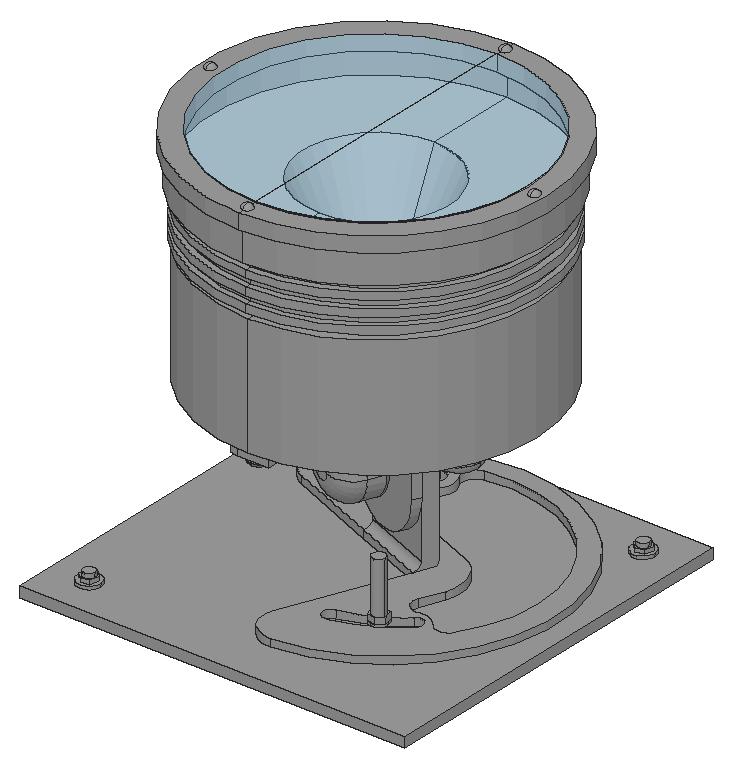
Revit family "LIGHT LOD 500", category Lighting Fixtures, host Face, Revit 2018
Family settings
  Host = Face
  Round Connector Dimension = Use Diameter
  Part Type = Normal
  OmniClass Number = 23.80.70.14
  OmniClass Title = Luminaries for External Lighting
  Cut with Voids When Loaded = No
  Light Source = No
  Shared = No
  Room Calculation Point = No
Parameters (values of type "LFL1")
  Keynote = "16500"
  Default Elevation = 1219.2 mm
  Assembly Code = "D5020200"
Reference planes
  plane 1 "Center (Front/Back)": y = 0
  plane 2: z = 0
  plane 3 "Center (Left/Right)": x = 0
  plane 4: y = 75
  plane 5: x = -75
  plane 6: x = 75
  plane 7: y = -75
  plane 8: z = 4
  plane 9: x = -20
  plane 10: y = 42
  plane 11: x = 32
  plane 12: y = -34
  plane 13: z = 34
  plane 14: y = -34.031
  plane 15: y = 4.854
Forms (mm)
  Extrusion 1, solid
    sketch origin (0, 0, 0) x (0, 1, 0) y (0, 0, 1)
      loop
        line (75, 0) -> (75, 4)
        arc (75, 4) -> (0, 6.56) -> (-75, 4) r 1100
        line (-75, 4) -> (-75, 0)
        arc (-75, 0) -> (0, 2.56) -> (75, 0) r 1100
    from -75 to 75
  Extrusion 2, solid
    sketch origin (0, 0, 0) x (1, 0, 0) y (0, 1, 0)
      loop
        circle (-60, -60) r 4.5
      loop
        circle (60, 60) r 4.5
    from 4 to 5.057
  Extrusion 3, solid
    sketch origin (0, 0, 0) x (1, 0, 0) y (0, 1, 0)
      loop
        line (-57.687, -62.313) -> (-56.841, -59.154) -> (-59.154, -56.841) -> (-62.313, -57.687) -> (-63.159, -60.846) -> (-60.846, -63.159) -> (-57.687, -62.313)
      loop
        line (57.687, 62.313) -> (56.841, 59.154) -> (59.154, 56.841) -> (62.313, 57.687) -> (63.159, 60.846) -> (60.846, 63.159) -> (57.687, 62.313)
    from 5.057 to 6.628
  Extrusion 4, solid
    sketch origin (0, 0, 0) x (1, 0, 0) y (0, 1, 0)
      loop
        circle (-60, -60) r 2.264
      loop
        circle (60, 60) r 2.264
    from 6.628 to 8.069
  Extrusion 5, solid
    sketch origin (0, 0, 0) x (1, 0, 0) y (0, 1, 0)
      loop
        circle (-20, 42) r 2.5
      loop
        circle (32, -34) r 2.5
    from 8.338 to 34
  Revolve 6, solid
    sketch origin (-20, 0, 0) x (0, 1, 0) y (0, 0, 1)
      loop
        line (42, 4.984) -> (42, 8.338) -> (39.5, 8.338)
        arc (39.5, 8.338) -> (37.562, 7.221) -> (37.557, 4.984) r 2.24
        line (37.557, 4.984) -> (42, 4.984)
      axis (42, 4.984) -> (42, 8.338)
    angle from 0 to 360
  Revolve 7, solid
    sketch origin (31.909, -76.031, 0) x (0, 1, 0) y (0, 0, 1)
      loop
        line (42, 4.984) -> (42, 8.338) -> (39.5, 8.338)
        arc (39.5, 8.338) -> (37.562, 7.221) -> (37.557, 4.984) r 2.24
        line (37.557, 4.984) -> (42, 4.984)
      axis (42, 4.984) -> (42, 8.338)
    angle from 0 to 360
  Extrusion 8, solid
    sketch origin (0, 0, 0) x (1, 0, 0) y (0, 1, 0)
      loop
        arc (-6.059, 41.945) -> (-8.962, 32.836) -> (-2.888, 25.452) r 10
        line (-2.888, 25.452) -> (27.831, 13.041)
        arc (27.831, 13.041) -> (36.019, 4.994) -> (36.12, -6.486) r 15
        line (36.12, -6.486) -> (32.502, -15.44)
        arc (32.502, -15.44) -> (33.317, -20.538) -> (38.206, -22.198) r 5
        arc (38.206, -22.198) -> (42.545, -22.543) -> (45.963, -25.24) r 7.5
        arc (45.963, -25.24) -> (50.148, -27.383) -> (54.261, -25.104) r 5
        arc (54.261, -25.104) -> (53.937, 35.252) -> (-1.565, 58.968) r 55
        arc (-1.565, 58.968) -> (-5.261, 56.061) -> (-4.91, 51.372) r 5
        arc (-4.91, 51.372) -> (-3.803, 46.454) -> (-6.059, 41.945) r 7.5
      loop
        line (21.088, -3.648) -> (2.775, -48.976)
        arc (2.775, -48.976) -> (4.022, -58.689) -> (12.965, -62.68) r 10
        arc (12.965, -62.68) -> (62.477, 35.908) -> (-47.84, 36.947) r 65
        arc (-47.84, 36.947) -> (-48.927, 28.527) -> (-43.15, 22.306) r 10
        line (-43.15, 22.306) -> (-7.098, 7.74) -> (21.088, -3.648)
      loop
        arc (-12.023, 50.813) -> (-23.821, 43.462) -> (-33.316, 33.309) r 53.25
        arc (-33.316, 33.309) -> (-32.563, 28.775) -> (-28.029, 29.527) r 3.25
        arc (-28.029, 29.527) -> (-19.694, 38.441) -> (-9.335, 44.894) r 46.75
        arc (-9.335, 44.894) -> (-7.72, 49.197) -> (-12.023, 50.813) r 3.25
      loop
        arc (18.62, -42.735) -> (31.662, -37.924) -> (43.014, -29.901) r 53.25
        arc (43.014, -29.901) -> (43.195, -25.309) -> (38.602, -25.128) r 3.25
        arc (38.602, -25.128) -> (28.635, -32.171) -> (17.185, -36.395) r 46.75
        arc (17.185, -36.395) -> (14.733, -40.282) -> (18.62, -42.735) r 3.25
    from 8.069 to 11.029
  Extrusion 9, solid
    sketch origin (0, 0, 0) x (1, 0, 0) y (0, 1, 0)
      loop
        circle (-20, 42) r 3.5
      loop
        circle (32, -33.843) r 3.5
    from 11.029 to 11.807
  Extrusion 10, solid
    sketch origin (0, 0, 0) x (1, 0, 0) y (0, 1, 0)
      loop
        line (-16.637, 41.099) -> (-17.538, 44.462) -> (-20.901, 45.363) -> (-23.363, 42.901) -> (-22.462, 39.538) -> (-19.099, 38.637) -> (-16.637, 41.099)
      loop
        line (35.372, -34.762) -> (34.471, -31.399) -> (31.107, -30.498) -> (28.645, -32.96) -> (29.546, -36.323) -> (32.91, -37.225) -> (35.372, -34.762)
    from 11.807 to 14.148
  Extrusion 11, solid
    sketch origin (-3.862, 4.248, 0) x (0.374607, 0.927184, 0) y (0, 0, 1)
      loop
        arc (5.025, 14.069) -> (4.147, 11.948) -> (2.025, 11.069) r 3
        line (2.025, 11.069) -> (10.222, 11.069)
        arc (10.222, 11.069) -> (10.821, 12.516) -> (11.025, 14.069) r 6
        line (11.025, 14.069) -> (11.025, 38.069) -> (11.025, 53.069) -> (5.025, 53.069) -> (5.025, 38.069) -> (5.025, 14.069)
    from -4.308 to 26.092
  Extrusion 12, solid
    sketch origin (9.893, 15.452, 0) x (0.930841, -0.365426, 0) y (0, 0, 1)
      loop
        line (19.905, 38.07) -> (19.904, 63.07) -> (19.904, 66.069) -> (-15.225, 66.069) -> (-15.225, 38.069)
        arc (-15.225, 38.069) -> (2.34, 20.505) -> (19.905, 38.07) r 17.565
    from 12.182 to 15.586
  Revolve 13, solid
    sketch origin (0, -0.393, 46.254) x (1, 0, 0) y (0, 1, 0)
      loop
        line (13.01, 3.26) -> (8.261, 5.179) -> (-1.659, -19.372) -> (1.682, -20.722)
        arc (1.682, -20.722) -> (8.57, -20.662) -> (13.398, -15.749) r 9
        line (13.398, -15.749) -> (15.95, -9.431)
        arc (15.95, -9.431) -> (15.944, -8.666) -> (15.398, -8.129) r 1
        line (15.398, -8.129) -> (14.299, -7.685) -> (10.654, -6.212) -> (10.228, -5.301) -> (11.54, -2.055) -> (11.274, -1.164) -> (13.01, 3.26)
      axis (8.261, 5.179) -> (-1.659, -19.372)
    angle from 0 to 360
  Revolve 14, solid
    sketch origin (0, 0, 0) x (0, 1, 0) y (0, 0, 1)
      loop
        line (4.854, 155.069) -> (-62.149, 155.069) -> (-62.149, 149.067) -> (-60.149, 149.067) -> (-60.149, 136.567) -> (-56.149, 136.567) -> (-56.149, 133.567) -> (-58.649, 133.567) -> (-58.648, 130.567) -> (-56.148, 130.567) -> (-56.148, 127.567) -> (-58.648, 127.567) -> (-58.648, 124.567) -> (-56.148, 124.567) -> (-56.148, 121.567) -> (-58.648, 121.567) -> (-58.648, 118.567) -> (-52.348, 118.567) -> (-52.348, 116.067) -> (-57.648, 116.067) -> (-57.646, 69.067) -> (4.854, 69.069) -> (4.854, 155.069)
      axis (4.854, 155.069) -> (4.854, 69.067)
    angle from 0 to 360
  Revolve 15, solid
    sketch origin (0, 0, 0) x (0, 1, 0) y (0, 0, 1)
      loop
        line (-56.396, 66.067) -> (-56.357, 64.955)
        arc (-56.357, 64.955) -> (-54.691, 63.315) -> (-52.376, 62.982) r 3.748
        line (-52.376, 62.982) -> (-52.376, 66.067) -> (-56.396, 66.067)
      axis (-52.376, 62.982) -> (-52.376, 66.067)
    angle from 0 to 360
  Revolve 16, solid
    sketch origin (0, 10, 0) x (0, -1, 0) y (0, 0, 1)
      loop
        line (-56.396, 66.067) -> (-56.357, 64.955)
        arc (-56.357, 64.955) -> (-54.691, 63.315) -> (-52.376, 62.982) r 3.748
        line (-52.376, 62.982) -> (-52.376, 66.067) -> (-56.396, 66.067)
      axis (-52.376, 62.982) -> (-52.376, 66.067)
    angle from 0 to 360
  Revolve 17, solid
    sketch origin (5.77, 0, 0.555) x (1, 0, 0) y (0, 0, 1)
      loop
        line (37.729, 69.059) -> (30.314, 69.059) -> (30.314, 53.199) -> (37.839, 53.199)
        arc (37.839, 53.199) -> (38.426, 54.321) -> (38.629, 55.571) r 3.957
        line (38.629, 55.571) -> (38.629, 57.875) -> (39.835, 57.876) -> (39.835, 62.552) -> (38.629, 62.552) -> (38.629, 64.071)
        spline (38.629, 64.071) -> (38.623, 64.071) -> (38.604, 64.071) -> (38.572, 64.071) -> (38.528, 64.071) -> (38.471, 64.071) -> (38.401, 64.071) -> (38.319, 64.071) -> (38.225, 64.071) -> (38.119, 64.071) -> (38.001, 64.071) -> (37.871, 64.071) -> (37.729, 64.071)
        line (37.729, 64.071) -> (37.729, 69.059)
      axis (30.211, 69.059) -> (30.211, 53.199)
    angle from 0 to 360
  Extrusion 18, solid
    sketch origin (-7.112, 5.404, 0) x (0.386961, -0.922096, 0) y (0.922096, 0.386961, 0)
      loop
        line (-56.619, 19.801) -> (-26.076, 7.461)
        arc (-26.076, 7.461) -> (-23.778, 5.582) -> (-22.95, 2.731) r 5
        arc (-22.95, 2.731) -> (-3.154, -26.045) -> (30.466, -16.578) r 30
        line (30.466, -16.578) -> (32.463, -15.54)
        arc (32.463, -15.54) -> (33.763, -15.531) -> (35.021, -15.857) r 5
        line (35.021, -15.857) -> (56.479, -24.526)
        arc (56.479, -24.526) -> (57.379, -23.18) -> (58.086, -21.724) r 11.839
        line (58.086, -21.724) -> (62.507, -10.784) -> (49.163, -5.392) -> (46.243, -12.621) -> (34.829, -8.01)
        arc (34.829, -8.01) -> (29.897, -8.529) -> (27.573, -12.91) r 5.279
        arc (27.573, -12.91) -> (-0.46, -19.958) -> (-15.669, 4.623) r 24.481
        arc (-15.669, 4.623) -> (-16.297, 9.587) -> (-20, 12.952) r 7.224
        line (-20, 12.952) -> (-41.263, 21.543) -> (-36.544, 33.224) -> (-50.062, 38.685)
        arc (-50.062, 38.685) -> (-54.524, 30.741) -> (-57.784, 22.233) r 62.5
        arc (-57.784, 22.233) -> (-57.673, 20.791) -> (-56.619, 19.801) r 2
    from 66.069 to 69.067
  Revolve 19, void
    sketch origin (0, 0, 0) x (0, 1, 0) y (0, 0, 1)
      loop
        line (4.854, 161.52) -> (-53.942, 161.52) -> (-53.942, 149.067) -> (-58.942, 149.067) -> (-58.942, 137.817) -> (-23.275, 137.817) -> (-10.013, 109.378) -> (4.854, 109.378) -> (4.854, 161.52)
      axis (4.854, 109.378) -> (4.854, 161.52)
    angle from 0 to 360
  Revolve 20, solid
    sketch origin (0, 0, 0) x (0, 1, 0) y (0, 0, 1)
      loop
        line (4.854, 155.069) -> (-53.942, 155.069) -> (-53.942, 149.067) -> (4.854, 149.067) -> (4.854, 155.069)
      axis (4.854, 149.067) -> (4.854, 155.069)
    angle from 0 to 360
  Revolve 21, solid
    sketch origin (0, 0, 0) x (0, 1, 0) y (0, 0, 1)
      loop
        line (-57.993, 155.069) -> (-57.993, 156.569)
        arc (-57.993, 156.569) -> (-59.205, 156.09) -> (-60.014, 155.069) r 2.513
        line (-60.014, 155.069) -> (-57.993, 155.069)
      axis (-57.993, 155.069) -> (-57.993, 156.569)
    angle from 0 to 360
  Revolve 22, solid
    sketch origin (0, 9.707, 0) x (0, -1, 0) y (0, 0, 1)
      loop
        line (-57.993, 155.069) -> (-57.993, 156.569)
        arc (-57.993, 156.569) -> (-59.205, 156.09) -> (-60.014, 155.069) r 2.513
        line (-60.014, 155.069) -> (-57.993, 155.069)
      axis (-57.993, 155.069) -> (-57.993, 156.569)
    angle from 0 to 360
  Revolve 23, solid
    sketch origin (-63.172, 60.984, 0) x (0, 1, 0) y (0, 0, 1)
      loop
        line (-57.993, 155.069) -> (-57.993, 156.569)
        arc (-57.993, 156.569) -> (-59.205, 156.09) -> (-60.014, 155.069) r 2.513
        line (-60.014, 155.069) -> (-57.993, 155.069)
      axis (-57.993, 155.069) -> (-57.993, 156.569)
    angle from 0 to 360
  Revolve 24, solid
    sketch origin (63.172, 60.984, 0) x (0, 1, 0) y (0, 0, -1)
      loop
        line (-57.993, -155.069) -> (-60.014, -155.069)
        arc (-60.014, -155.069) -> (-59.205, -156.09) -> (-57.993, -156.569) r 2.513
        line (-57.993, -156.569) -> (-57.993, -155.069)
      axis (-57.993, -155.069) -> (-57.993, -156.569)
    angle from 0 to 360
Cuts and joins
  Revolve 19 cuts Revolve 14
Dimensions and locks
  aligned and locked: plane 2 to host face
  aligned and locked: level to host face
